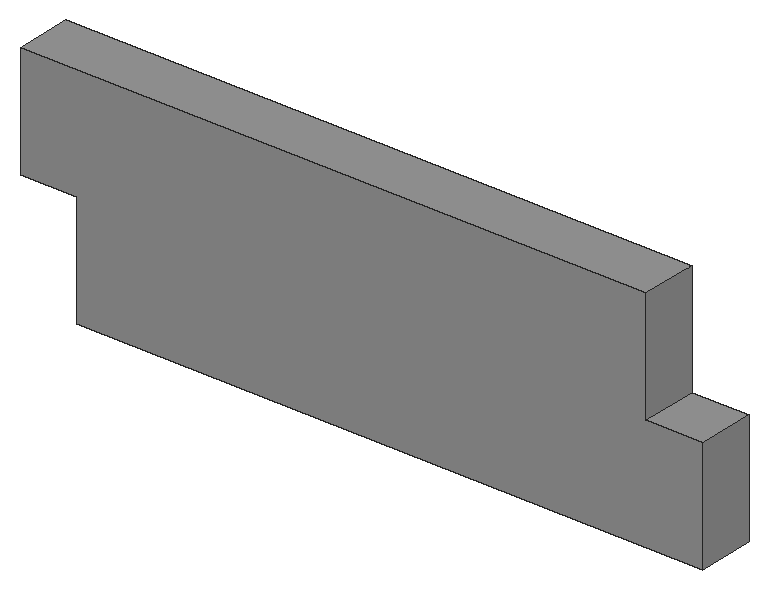
Revit family "Stonepanel_LajaMulticolor_ESP", category Modelos genéricos, Revit 2015
Parameters (values of type "Stonepanel® SKY Laja Multicolor")
  Ventajas de Stonepanel = "Eficaz: Instalación ágil y sencilla : 10 veces más rápido que la mampostería tradicional (Ritmo medio de colocación de 20 m2/día). Mayor rentabilidad gracias al menor desperdicio de material en obra y a la durabilidad de un producto natural frente a otros revestimientos. La colocación de los paneles no requiere mano de obra ni maquinaria especializada.\r\nSeguro: Un sistema de anclaje patentado, de acero inoxidable, que permite su instalación a más de 2 metros de altura. Base de cemento homogénea y rugosa que garantiza la adhesión y permite el corte sin desprendimiento.\r\nCalidad: Control permanente del proceso de producción desde la oficina I+D+I. Una cuidada selección de piedra natural realizada por los expertos de CUPASTONE. Disponibilidad de piezas especiales para adaptarse perfectamente a cada edificio: esquinas (macizas, rectas, dobles o para ventanas), cubremuros, y otros complementarios.\r\nEstética: Forma de “S” que evita la visión de las juntas para homogenizar el aspecto final. Gran variedad de paneles para elegir entre colores y acabados de piedra natural. La propia belleza y exclusividad de la piedra natural: Cada piedra es\r\núnica."
  Usos Indicados = "Revestimiento de Paredes exteriores e interiores en edificaciones nuevas o rehabilitaciones"
  Uniclass 2015 = "Pr_25_71_14_56 Natural stone panels"
  Uniclass 2 = "Pr_25_71_14_56 Natural stone panels"
  URL = "http://www.cupastone.es/producto/stonepanel-laja-multicolor/"
  Sistema de anclaje = "Cinta perforada en acero inoxidable:\r\n- Naturaleza del acero: AISI 316 (1.4401) o AISI 304 (1.4301)\r\n- Espesor mínimo (mm) : 0,7\r\n- Ancho (mm) : 12 a 15\r\n- Diámetro del hueco (mm) : 6 ± 1\r\n\r\nTacos:\r\nLa elección de los tacos y clavijas de fijación debe ser realizada teniendo en cuenta la acción en depresión del viento (muros exteriores) y de la resistencia de los tacos en el soporte, en función de la naturaleza del soporte."
  Resistencia al fuego = "-"
  Resistencia a la flexión = "-"
  Resistencia al hielo = "Sin alteraciones despues de 50 ciclos"
  Resistencia = "Buena resistencia"
  Peso = "8,8 kg"
  Oxidación = "No oxida"
  Otros datos de interés del producto = "Dispone de un anclaje para instalar a alturas superiores a 2 metros"
  Omniclass = "23-15 15 15 11"
  Número de serie = "SPZ-24TS"
  NBS Reference = "45-25-45/380 Natural stone panels"
  Modelo = "Stonepanel® SKY Laja Multicolor"
  Material = "Panel en forma de laja de pizarra marrón rojiza, salpicada de tonalidades más oscuras y claras, una composición original para ambientes contemporáneos."
  Limpieza = "En general, los paneles no requieren mantenimiento y son auto- limpiantes, pero la eliminación de algunos tipos de marcas pueden requerir un tratamiento especializado.\r\nEn caso de suciedad anormal, la superficie puede limpiarse con una mezcla / detergente doméstico y agua caliente , aplicada con una almohadilla de limpieza adecuado o una esponja."
  Largo = 600 mm
  Impacto = "-"
  Imagen de tipo = <Ninguno>
  H1 = 100 mm
  Formato = "600x200"
  Forma de suministro = "Los paneles se presentan en parejas, en un embalaje plástico o en cajas de cartón de 3 o 4 piezas."
  Forma = "Forma de \"s\""
  Fabricante = "Cupastone"
  Envejecimiento por cambio térmicos = "Sin alteraciones después de 20 ciclos."
  Ensayos realizados por SINTEF = "Ensayo a los materiales de piedra, Ensayos a los paneles, Durabilidad y absorción de agua"
  Ensayos realizados por DIBt = "Adherencia entre piedra y mortero, Adherencia entre piedra y mortero tras 50 ciclos de hielo-deshielo"
  Ensayos realizados por BBA = "Resistencia a daños por heladicidad, Resistencia a choque térmico, Adherencia entre piedra y mortero, Resistencia al arrancamiento del anclaje, Resistencia a impacto"
  Ensayos realizados por Avis Technique = "Resistencia mecánica del anclaje, Resistencia mecánica de la cinta de seguridad, Ensayo de durabilidad tras la acción del agua, Ensayo de durabilidad tras la acción del hielo, Ensayo sísmico"
  Durabilidad = "Según el certificado BBA, el sistema tiene una vida de diseño superior a 30 años."
  Detalles constructivos = "Detalles de:\r\n- Instalación con perfil metálico\r\n- Instalación de Stonepanel\r\n- Instalación en muro interior\r\n- Instalación del elemento de seguridad (cinta perforada + tacos)\r\n- Esquinas entrantes\r\n- Esquinas salientes\r\n- Esquinas salientes pre-fabricadas\r\n- Esquinas salientes mediante serrado del panel\r\n- Esquinas salientes sin continuidad de Stonepanel (caso de una fachada lateral)\r\n- Bordes superiores\r\n- Sobre parapeto\r\n- Marco de vano"
  Desfase de altura = 0 mm
  Descripción = "Pieza de piedra natural montada sobre una base de cemento y reforzada con una malla de fibra de vidrio .\r\nPosee sistema de anclaje patentado, de acero inoxidable, que permite su instalación a más de 2 metros de altura"
  Densidad aparente = "73,3 kg/m2"
  Color secundario = "Gris"
  Color principal = "Marrón"
  Certificaciones = "BBA - Reino Unido, Avis Technique - Francia, DIBt - Alemania, SINTEF - Noruega"
  Aspecto = "Contemporáneo"
  Ancho = 50 mm
  Alto = 200 mm
  Adherencia del mortero = ">1N/mm2"
  Acabado = "Natural"
  Absorción = "Baja absorción"
Reference planes
  plane 1 "Muro": y = 0
  plane 2 "Centro (Izquierda/Derecha)": x = 125
  plane 3 "Posterior": y = 75
Forms (mm)
  Extrusion 1, solid, material "Stonepanel® SKY Laja Multicolor"
    sketch origin (0, 160, 1120) x (1, 0, 0) y (0, 0, 1)
      loop
        line (125, -1120) -> (125, -1020) -> (75, -1020) -> (75, -920) -> (-475, -920) -> (-475, -1020) -> (-425, -1020) -> (-425, -1120) -> (125, -1120)
    from 35 to 85
Text (mm)
  text "Cara de colocación" at (-1848.837, 1116.779, 0), in view "Nivel de referencia"
  text "Cara de colocación" at (0, 1409.804, 2854.306), in view "Izquierda"
  text "Cara de colocación" at (0, 499.811, 2980.732), in view "Derecha"
Dimensions and locks
  locked: plane 3 "Posterior" to host wall
  locked: Extrusion 1 to plane 3 "Posterior" at 0
  "Ancho": Extrusion 1 to Extrusion 1
  "Largo": Extrusion 1 to Extrusion 1
  "H1": level to Extrusion 1  (x2)
  "Desfase de altura": level to Extrusion 1
  locked: Extrusion 1 to Extrusion 1 at 50  (x2)
  "Alto": Extrusion 1 to Extrusion 1
  aligned and locked: plane 1 "Muro" to host wall
Automatic sketch dimensions
  level to Extrusion 1 sketch curve = 0 mm
  Extrusion 1 sketch curve to plane 2 "Centro (Izquierda/Derecha)" = 0 mm
  Extrusion 1 sketch curve to plane 2 "Centro (Izquierda/Derecha)" = 50 mm
  Extrusion 1 sketch curve to Extrusion 1 sketch curve = 500 mm
  Extrusion 1 sketch curve to Extrusion 1 sketch curve = 50 mm
  level to Extrusion 1 sketch curve = 100 mm  (x2)
  Extrusion 1 sketch curve to Extrusion 1 sketch curve = 100 mm
